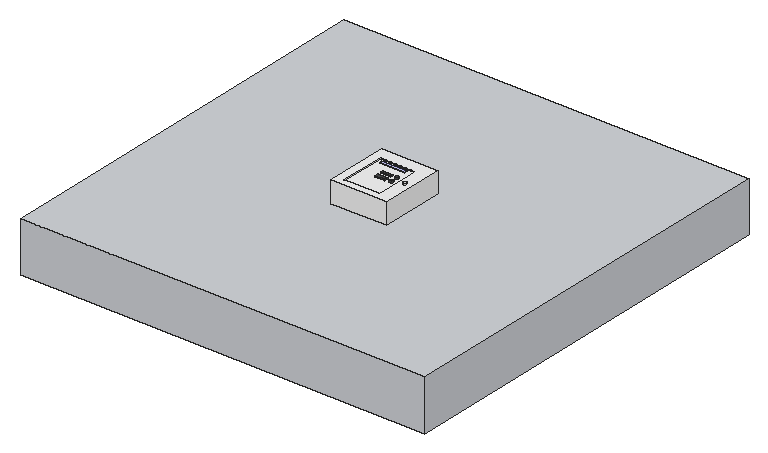
Revit family "Central de 1 a 4 zonas para el ánalisis y control de monóxido_Aguilera Electronica", category Dispositivos de alarma de incendios, Revit 2017
Family settings
  Anfitrión = Cara
  Mantener orientación de anotación = Sí
  Cota de conector redondo = Diámetro de uso
  Tipo de pieza = Normal
  Número OmniClass = 23.85.30.21.11.17
  Título OmniClass = Other Components
  Corte con vacíos al cargar = No
  Compartido = No
  Punto de cálculo de habitación = No
Parameters (values of type "Central de 2 zonas para el ánalisis y control de monóxido")
  Voltaje = ""
  URL = "http://aguilera.es/?productos=central-de-deteccion-de-monoxido-de-carbono-2-zonas"
  Símbolo texto modelo = yes
  Símbolo = yes
  Modelo = "AE/CO-Z2M"
  Fondo = 125 mm
  Fabricante = "Aguilera Electrónica"  # constant formula
  Elevación por defecto = 1200 mm
  Diámetro tubo = 20 mm
  Descripción = "Equipos desarrollados y fabricados por AGUILERA ELECTRÓNICA según norma UNE 23300-84 y homologados por el Ministerio de Industria y Energía.\r\nDiseñadas para analizar la concentración de Monóxido de Carbono en garajes y recintos similares, poner en marcha los extractores de ventilación cuando se alcanzan valores programados, activar las sirenas de evacuación si se llega a niveles de riesgo para las personas y retornar los equipos a la posición de reposo cuando la concentración de Monóxido desciende a valores permisibles.\r\nProvistas con:\r\n• Microprocesador de gestión.\r\n• Salida de tensión auxiliar: 12Vcc/500mA.\r\n• Un selector rotativo de máxima concentración permitida por zona, con 10 posiciones que permite seleccionar entre 25 y 250 p.p.m.\r\n• Un display numérico por zona que señala permanentemente el máximo nivel de monóxido que se está detectando.\r\n• 3 Niveles de detección y tres salidas de relé por zona.\r\n• Cabina metálica de fijación mural.\r\nObservación: cuando la instalación dispone de dos grupos de extractores por sector, las centrales se programan para que en el primer nivel entre uno y sólo si es necesario, entre el segundo.\r\nSi con los dos grupos funcionando, aun se alcanza niveles de riesgo (3º nivel) la central activa los sistemas de evacuación."  # constant formula
  Código de montaje = "D5030700"
  Comentarios de tipo = "• Con capacidad para controlar 31 detectores analógicos direccionables de CO agrupados en dos zonas de extractores.\r\n• Tres salidas de maniobras por relés y tres niveles de detección programables por zona.\r\n• Display LCD de 2 x 40 caracteres para presentación de información.\r\n• 4 teclas de control para configurar la instalación.\r\n• Alternancia del arranque en los grupos de extracción para equilibrar su envejecimiento.\r\n• Opción de programar los extractores para que arranquen unos minutos, cada dos o tres horas y limpien el ambiente del recinto.\r\n• Estabilizador de consumo en los bucles de detectores.\r\n• Medidas de la cabina: 386 x 335 x 125 mm.\r\n• Consumo en reposo: 140 mA."
  Ancho = 335 mm
  Alto = 386 mm
  4 Zonas = no
  3 Zonas = no
  2 Zonas = yes
  1 Zona = yes
Types (4, lengths in mm): name | URL | Símbolo texto modelo | Modelo | Fondo | Comentarios de tipo | Ancho | Alto | 4 Zonas | 3 Zonas | 2 Zonas
  Central de 1 zona para el ánalisis y control de monóxido | "http://aguilera.es/?productos=central-de-deteccion-de-monoxido-de-carbono-de-1-zona" | no | "AE/CO-Z1M" | 120 | "• Con tres niveles de detección y tres salidas para maniobras por relés.\r\n• Capacidad para controlar 10 detectores.\r\n• Medidas de la cabina: 245x330x120 mm.\r\n• Consumo en reposo: 130 mA." | 330 | 245 | no | no | no
  Central de 2 zonas para el ánalisis y control de monóxido | "http://aguilera.es/?productos=central-de-deteccion-de-monoxido-de-carbono-2-zonas" | yes | "AE/CO-Z2M" | 125 | "• Con capacidad para controlar 31 detectores analógicos direccionables de CO agrupados en dos zonas de extractores.\r\n• Tres salidas de maniobras por relés y tres niveles de detección programables por zona.\r\n• Display LCD de 2 x 40 caracteres para presentación de información.\r\n• 4 teclas de control para configurar la instalación.\r\n• Alternancia del arranque en los grupos de extracción para equilibrar su envejecimiento.\r\n• Opción de programar los extractores para que arranquen unos minutos, cada dos o tres horas y limpien el ambiente del recinto.\r\n• Estabilizador de consumo en los bucles de detectores.\r\n• Medidas de la cabina: 386 x 335 x 125 mm.\r\n• Consumo en reposo: 140 mA." | 335 | 386 | no | no | yes
  Central de 3 zonas para el ánalisis y control de monóxido | "http://aguilera.es/?productos=central-de-deteccion-de-monoxido-de-carbono-3-zonas" | yes | "AE/CO-Z3M" | 125 | "• Con capacidad para controlar 62 detectores agrupados en 3 zonas de extractores e idénticas\r\ncaracterísticas que la AE/CO-Z2M.\r\n• Medidas de la cabina: 386 x 335 x 125 mm.\r\n• Consumo en reposo: 180 mA." | 335 | 386 | no | yes | yes
  Central de 4 zonas para el ánalisis y control de monóxido | "http://aguilera.es/?productos=central-de-deteccion-de-monoxido-de-carbono-4-zonas" | yes | "AE/CO-Z4M" | 125 | "• Con capacidad para controlar 62 detectores agrupados en 4 zonas de extractores e idénticas\r\ncaracterísticas que la AE/CO-Z2M.\r\n• Medidas de la cabina: 386 x 335 x 125 mm.\r\n• Consumo en reposo: 200 mA." | 335 | 386 | yes | yes | yes
Reference planes
  plane 1 "Centro (Frontal/Posterior)": y = 0
  plane 2: z = 0
  plane 3 "Centro (Izquierda/Derecha)": x = 0
  plane 4: y = 193
  plane 5: y = -193
  plane 6: x = -167.5
  plane 7: x = 167.5
  plane 8: z = 125
  plane 9: z = 122
  plane 10: x = -121
  plane 11: x = 92.5
  plane 12: z = 119
Forms (mm)
  Extrusion 1, solid
    sketch origin (0, 0, 0) x (1, 0, 0) y (0, 1, 0)
      loop
        line (-1219.2, 1219.2) -> (-1219.2, -1219.2) -> (1219.2, -1219.2) -> (1219.2, 1219.2) -> (-1219.2, 1219.2)
    from 0 to -304.8
  Extrusion 2, solid, material "ABS Blanco"
    sketch origin (0, 0, 0) x (1, 0, 0) y (0, 1, 0)
      loop
        line (-167.5, -193) -> (167.5, -193) -> (167.5, 193) -> (-167.5, 193) -> (-167.5, -193)
      loop
        line (-121, -152.349) -> (92.5, -152.349) -> (92.5, 122.4) -> (-121, 122.4) -> (-121, -152.349)
    from 0 to 125
  Extrusion 3, solid, material "ABS Blanco"
    sketch origin (0, 0, 0) x (1, 0, 0) y (0, 1, 0)
      loop
        line (-121, 122.4) -> (-121, -152.349) -> (92.5, -152.349) -> (92.5, 122.4) -> (-121, 122.4)
    from 0 to 119
  Extrusion 4, solid, material "Cerradura", detail levels fine
    sketch origin (0, 0, 0) x (1, 0, 0) y (0, 1, 0)
      loop
        circle (122.599, 0) r 10
    from 125 to 128.879
  Extrusion 5, solid, material "Vidrio", detail levels fine
    sketch origin (0, 0, 0) x (1, 0, 0) y (0, 1, 0)
      loop
        line (-94.957, 102.248) -> (-94.957, 82.248) -> (60.043, 82.248) -> (60.043, 102.248) -> (-94.957, 102.248)
    from 119 to 125
  Extrusion 6, solid, material "Negro", visible <- "1 Zona", detail levels fine
    sketch origin (0, 0, 0) x (1, 0, 0) y (0, 1, 0)
      loop
        line (-34.671, 33.628) -> (-34.671, 13.628) -> (25.329, 13.628) -> (25.329, 33.628) -> (-34.671, 33.628)
      loop
        circle (55.329, 23.628) r 10
    from 119 to 125
  Extrusion 7, solid, material "Negro", visible <- "2 Zonas", detail levels fine
    sketch origin (0, -40, 0) x (1, 0, 0) y (0, 1, 0)
      loop
        line (-34.671, 33.628) -> (-34.671, 13.628) -> (25.329, 13.628) -> (25.329, 33.628) -> (-34.671, 33.628)
      loop
        circle (55.329, 23.628) r 10
    from 119 to 125
  Extrusion 8, solid, material "Negro", visible <- "3 Zonas", detail levels fine
    sketch origin (0, -80, 0) x (1, 0, 0) y (0, 1, 0)
      loop
        line (-34.671, 33.628) -> (-34.671, 13.628) -> (25.329, 13.628) -> (25.329, 33.628) -> (-34.671, 33.628)
      loop
        circle (55.329, 23.628) r 10
    from 119 to 125
  Extrusion 9, solid, material "Negro", visible <- "4 Zonas", detail levels fine
    sketch origin (0, -120, 0) x (1, 0, 0) y (0, 1, 0)
      loop
        line (-34.671, 33.628) -> (-34.671, 13.628) -> (25.329, 13.628) -> (25.329, 33.628) -> (-34.671, 33.628)
      loop
        circle (55.329, 23.628) r 10
    from 119 to 125
Cuts and joins
  joined: Extrusion 2, Extrusion 3
Dimensions and locks
  equal spacing: plane 5, plane 1 "Centro (Frontal/Posterior)", plane 4
  "Alto": plane 5 to plane 4
  equal spacing: plane 6, plane 3 "Centro (Izquierda/Derecha)", plane 7
  "Ancho": plane 6 to plane 7
  "Fondo": plane 8 to plane 2
  locked: plane 8 to plane 12 at 6
  locked: plane 8 to plane 9 at 3
  aligned and locked: plane 2 to Extrusion 1
  aligned and locked: level to Extrusion 1
  aligned and locked: plane 5 to Extrusion 2 sketch curve
  aligned and locked: Extrusion 2 sketch curve to plane 6
  aligned and locked: plane 4 to Extrusion 2 sketch curve
  aligned and locked: Extrusion 2 sketch curve to plane 7
  aligned and locked: plane 8 to Extrusion 2
  aligned and locked: Extrusion 2 sketch curve to plane 10
  aligned and locked: Extrusion 2 sketch curve to plane 11
  aligned and locked: Extrusion 3 to level
  aligned and locked: plane 12 to Extrusion 3
  aligned and locked: Extrusion 3 to Extrusion 2  (x4)
  aligned and locked: Extrusion 4 to plane 8
  aligned and locked: plane 8 to Extrusion 5
  aligned and locked: Extrusion 5 to plane 12
  aligned and locked: Extrusion 6 to plane 12
  aligned and locked: plane 8 to Extrusion 6
Automatic sketch dimensions
  Extrusion 1 sketch curve to Extrusion 1 sketch curve = 2438.4 mm  (x2)
  Extrusion 2 sketch curve to plane 5 = 40.651 mm
  Extrusion 2 sketch curve to plane 4 = 70.6 mm
  Extrusion 3 sketch curve to plane 10 = 0 mm
  Extrusion 3 sketch curve to plane 11 = 0 mm
  Extrusion 3 sketch curve to plane 5 = 40.651 mm
  Extrusion 3 sketch curve to plane 4 = 70.6 mm
  plane 1 "Centro (Frontal/Posterior)" to Extrusion 4 sketch curve = 0 mm
  Extrusion 4 sketch curve to plane 11 = 30.099 mm
  plane 10 to Extrusion 5 sketch curve = 26.043 mm
  plane 11 to Extrusion 5 sketch curve = 32.457 mm
  Extrusion 5 sketch curve to plane 1 "Centro (Frontal/Posterior)" = 82.248 mm
  Extrusion 5 sketch curve to Extrusion 5 sketch curve = 20 mm
  Extrusion 6 sketch curve to plane 1 "Centro (Frontal/Posterior)" = 13.628 mm
  Extrusion 6 sketch curve to plane 3 "Centro (Izquierda/Derecha)" = 34.671 mm
  plane 3 "Centro (Izquierda/Derecha)" to Extrusion 6 sketch curve = 25.329 mm
  Extrusion 6 sketch curve to Extrusion 6 sketch curve = 30 mm
  Extrusion 6 sketch curve to plane 1 "Centro (Frontal/Posterior)" = 23.628 mm
  Extrusion 6 sketch curve to Extrusion 6 sketch curve = 20 mm
  Extrusion 7 sketch curve to plane 3 "Centro (Izquierda/Derecha)" = 34.671 mm
  plane 3 "Centro (Izquierda/Derecha)" to Extrusion 7 sketch curve = 25.329 mm
  Extrusion 7 sketch curve to Extrusion 7 sketch curve = 30 mm
  plane 1 "Centro (Frontal/Posterior)" to Extrusion 7 sketch curve = 26.372 mm
  plane 1 "Centro (Frontal/Posterior)" to Extrusion 7 sketch curve = 16.372 mm
  plane 1 "Centro (Frontal/Posterior)" to Extrusion 7 sketch curve = 6.372 mm
  Extrusion 8 sketch curve to plane 3 "Centro (Izquierda/Derecha)" = 34.671 mm
  plane 3 "Centro (Izquierda/Derecha)" to Extrusion 8 sketch curve = 25.329 mm
  Extrusion 8 sketch curve to Extrusion 8 sketch curve = 30 mm
  plane 1 "Centro (Frontal/Posterior)" to Extrusion 8 sketch curve = 66.372 mm
  Extrusion 8 sketch curve to Extrusion 8 sketch curve = 10 mm
  Extrusion 8 sketch curve to Extrusion 8 sketch curve = 20 mm
  Extrusion 9 sketch curve to plane 3 "Centro (Izquierda/Derecha)" = 34.671 mm
  plane 3 "Centro (Izquierda/Derecha)" to Extrusion 9 sketch curve = 25.329 mm
  Extrusion 9 sketch curve to Extrusion 9 sketch curve = 30 mm
  Extrusion 9 sketch curve to plane 5 = 86.628 mm
  Extrusion 9 sketch curve to Extrusion 9 sketch curve = 10 mm
  Extrusion 9 sketch curve to Extrusion 9 sketch curve = 20 mm
  radius of Extrusion 4 sketch curve = 10 mm
  radius of Extrusion 6 sketch curve = 10 mm
  radius of Extrusion 7 sketch curve = 10 mm
  radius of Extrusion 8 sketch curve = 10 mm
  radius of Extrusion 9 sketch curve = 10 mm
Nested families
  nested 1: "S_Central de 1 a 4 zonas para el ánalisis y control de monóxido_Aguilera Electronica" at (9.467, 0, 0), type "S_Central de 1 a 4 zonas para el ánalisis y control de monóxido_Aguilera Electronica"
Connectors
  cabletrayconduit at (0, 0, 0), diameter 20, driven by "Diámetro tubo", driven by "Modelo"
    settings: on cut or joined group of Extrusion 2, Extrusion 3, index 1, connector width 300 mm, connector height 300 mm, connector angle 0.00°, system type 32, placement type 0, profile type 0, connector reference index -1, is primary connector yes, connector utility param no, connector description "AE/CO-Z2M"
Definition of nested family "S_Central de 1 a 4 zonas para el ánalisis y control de monóxido_Aguilera Electronica"
  Parameters (values of type "S_Central de 1 a 4 zonas para el ánalisis y control de monóxido_Aguilera Electronica")
    Texto símbolo = "Central CO"
    Texto modelo = yes
    Modelo = "Central CO"
  Reference planes
    plane 1: y = 0
    plane 2: x = 0
  Lines and regions (mm)
    detail lines
      curve 1: line (-7.685, -8.565, 0) -> (7.685, -8.565, 0)
      curve 2: line (-7.685, 8.565, 0) -> (-7.685, -8.565, 0)
      curve 3: line (7.685, 8.565, 0) -> (-7.685, 8.565, 0)
      curve 4: line (7.685, -8.565, 0) -> (7.685, 8.565, 0)
      curve 5: line (990, 5, 0) -> (990, -5, 0)
  Text (mm)
    label "Texto símbolo" at (-0.164, 2.565, 0), shows "Texto símbolo"
    label "Modelo" at (-0.164, -4.156, 0), shows "Modelo", visible <- "Texto modelo"
